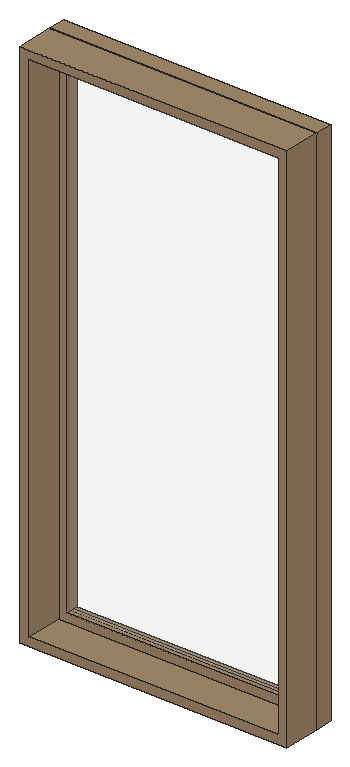
Revit family "1.00X2.00_Window_Vw", category Windows, host Wall, Revit 2021
Family settings
  Host = Wall
  OmniClass Number = 23.30.20.17.11
  OmniClass Title = Fixed Windows
  Always vertical = Yes
  Cut with Voids When Loaded = No
  Shared = No
  Room Calculation Point = No
Parameters (values of type "1.00 x 2.00")
  Window Width [instance] = 1.00 m
  Window Height [instance] = 2.00 m
  Visual Light Transmittance = 0.9
  Type Image = Artboard 2.png
  Thermal Resistance (R) = 1.53941 (h·ft²·°F)/BTU
  Solar Heat Gain Coefficient = 0.78
  Define Thermal Properties by = Schematic Type
  Construction Type Id = "GSP4R"
  Heat Transfer Coefficient (U) = 0.6496 BTU/(h·ft²·°F)
  Assembly Code = "B2020100"
  Glass Pane Material = Glass
  Height = 2.00 m
  Sash Material = Sash
  Default Sill Height = 0.9144 m
  Wall Closure = By host
  Width = 1.00 m
  Window Inset = 0.01905 m
  Analytic Construction = "1/8 in Pilkington single glazing"
Types (4, lengths in m): name | Type Image | Height | Width
  1.00 x 2.00 | Artboard 2.png | 2.00 | 1.00
  2 x 2 | <None> | 2.06 | 2.06
  0.53 | <None> | 2.10 | 0.53
  1 x 2 | <None> | 2.00 | 1.00
Reference planes (m)
  plane 1: y = 0
  plane 2: z = 0
  plane 3 "Center": x = -0.0381
  plane 4 "Left": x = -0.5381
  plane 5 "Right": x = 0.4619
  plane 6 "Sill": z = 0.9144
  plane 7 "Top": z = 2.9144
  plane 8: y = 0.1016
  plane 9: y = -0.1016
  plane 10: y = 0.08255
  plane 11: x = -0.51905
  plane 12: x = -0.50635
  plane 13: x = 0.44285
  plane 14: x = 0.43015
  plane 15: z = 2.89535
  plane 16: z = 2.88265
  plane 17: z = 0.94615
  plane 18 "Closure": y = 0.053975
Forms (m)
  Extrusion 1, solid, material "Sash" <- "Sash Material"
    sketch origin (0, 0, 0) x (1, 0, 0) y (0, 0, 1)
      loop
        line (-0.5381, 2.9144) -> (-0.5381, 0.9144) -> (0.4619, 0.9144) -> (0.4619, 2.9144) -> (-0.5381, 2.9144)
      loop
        line (-0.51905, 2.89535) -> (-0.51905, 0.93345) -> (0.44285, 0.93345) -> (0.44285, 2.89535) -> (-0.51905, 2.89535)
    from -0.1016 to -0.0381
  Extrusion 2, solid, material "Sash" <- "Sash Material"
    sketch origin (0, 0, 0) x (-1, 0, 0) y (0, 0, 1)
      loop
        line (-0.4619, 2.9144) -> (-0.4619, 0.9144) -> (0.5381, 0.9144) -> (0.5381, 2.9144) -> (-0.4619, 2.9144)
      loop
        line (-0.43015, 2.88265) -> (-0.43015, 0.94615) -> (0.50635, 0.94615) -> (0.50635, 2.88265) -> (-0.43015, 2.88265)
    from 0.0381 to -0.1016
  Extrusion 3, solid, material "Sash" <- "Sash Material"
    sketch origin (0, 0, 0) x (-1, 0, 0) y (0, 0, 1)
      loop
        line (-0.44285, 2.89535) -> (-0.44285, 0.93345) -> (0.51905, 0.93345) -> (0.51905, 2.89535) -> (-0.44285, 2.89535)
      loop
        line (-0.3984, 2.8509) -> (-0.3984, 0.9779) -> (0.4746, 0.9779) -> (0.4746, 2.8509) -> (-0.3984, 2.8509)
    from 0.0381 to 0.08255
  Extrusion 4, solid, material "Glass" <- "Glass Pane Material"
    sketch origin (-0.124971, 0, -0.117036) x (1, 0, 0) y (0, 0, 1)
      loop
        line (-0.349629, 2.967936) -> (-0.349629, 1.094936) -> (0.523371, 1.094936) -> (0.523371, 2.967936) -> (-0.349629, 2.967936)
    from -0.066675 to -0.053975
Lines and regions (m)
  Opening 1
    outline origin (-1.524, -0.1016, 0) x (1, 0, 0) y (0, 0, 1)
      loop
        line (0.9859, 2.9144) -> (0.9859, 0.9144) -> (1.9859, 0.9144) -> (1.9859, 2.9144) -> (0.9859, 2.9144)
  symbolic lines, style "WindowsFrameMullionProjection"
    curve 1: line (-0.5381, 0.1016, 0) -> (-0.51905, 0.1016, 0)
    curve 2: line (-0.51905, 0.0381, 0) -> (-0.51905, 0.1016, 0)
    curve 3: line (-0.51905, 0.0381, 0) -> (-0.50635, 0.0381, 0)
    curve 4: line (-0.50635, -0.1016, 0) -> (-0.50635, 0.0381, 0)
    curve 5: line (0.4619, 0.1016, 0) -> (0.44285, 0.1016, 0)
    curve 6: line (0.43015, 0.0381, 0) -> (0.43015, -0.1016, 0)
    curve 7: line (0.43015, 0.0381, 0) -> (0.44285, 0.0381, 0)
    curve 8: line (0.44285, 0.0381, 0) -> (0.44285, 0.1016, 0)
    curve 9: line (-0.51905, 0.08255, 0) -> (-0.4746, 0.08255, 0)
    curve 10: line (-0.51905, 0.08255, 0) -> (-0.51905, 0.0381, 0)
    curve 11: line (-0.51905, 0.0381, 0) -> (-0.4746, 0.0381, 0)
    curve 12: line (-0.4746, 0.08255, 0) -> (-0.4746, 0.0381, 0)
    curve 13: line (0.44285, 0.08255, 0) -> (0.3984, 0.08255, 0)
    curve 14: line (0.44285, 0.08255, 0) -> (0.44285, 0.0381, 0)
    curve 15: line (0.44285, 0.0381, 0) -> (0.3984, 0.0381, 0)
    curve 16: line (0.3984, 0.08255, 0) -> (0.3984, 0.0381, 0)
    curve 18: line (-0.50635, -0.1016, 0) -> (-0.5381, -0.1016, 0)
    curve 19: line (0.43015, -0.1016, 0) -> (0.4619, -0.1016, 0)
  symbolic lines, style "WindowsGlassProjection"
    curve 17: line (-0.4746, 0.060325, 0) -> (0.3984, 0.060325, 0)
Text (m)
  text "EXTERIOR" at (-1.437207, 1.354346, 0), in view "Floor Line"
  text "INTERIOR" at (-1.490695, -1.070518, 0), in view "Floor Line"
  text "Exterior" at (0, 1.10887, 3.415022), in view "Left"
  text "Exterior" at (0, 0.464664, 3.176206), in view "Right"
Dimensions and locks (m)
  equal spacing: plane 4 "Left", plane 3 "Center", plane 5 "Right"
  "Window Width": plane 4 "Left" to plane 5 "Right"
  plane 2 to plane 6 "Sill" to plane 16 to plane 7 "Top" = 0.9144 m, 1.96825 m, 0.03175 m
  "Window Inset": plane 8 to plane 10
  locked: plane 10 to Extrusion 3 at 0.04445
  locked: plane 10 to Extrusion 4 at 0.015875
  locked: Extrusion 4 to Extrusion 4 at 0.0127
  locked: plane 4 "Left" to plane 11 at 0.01905
  locked: plane 13 to plane 5 "Right" at 0.01905
  locked: plane 14 to plane 5 "Right" at 0.03175
  locked: plane 4 "Left" to plane 12 at 0.03175
  locked: plane 15 to plane 7 "Top" at 0.01905
  locked: plane 7 "Top" to plane 16 at 0.03175
  locked: plane 17 to plane 6 "Sill" at 0.03175
  "Window Height": plane 7 "Top" to plane 6 "Sill"
  "Default Sill Height": plane 6 "Sill" to plane 2
  locked: plane 10 to plane 18 "Closure" at 0.028575
  aligned and locked: plane 7 "Top" to Opening 1 sketch curve
  aligned and locked: plane 6 "Sill" to Opening 1 sketch curve  (x2)
  aligned and locked: plane 5 "Right" to Opening 1 sketch curve
  aligned and locked: plane 4 "Left" to Opening 1 sketch curve
  aligned and locked: plane 9 to host wall
  aligned and locked: host wall to Extrusion 2
  aligned and locked: plane 10 to Extrusion 3
  aligned and locked: plane 8 to host wall
  aligned and locked: host wall to Extrusion 1
  aligned and locked: Extrusion 2 to Extrusion 1
  aligned and locked: Extrusion 1 to Extrusion 3
  aligned and locked: Extrusion 4 sketch curve to Extrusion 3  (x4)
  aligned and locked: curve 5 to Extrusion 1  (x2)
  aligned and locked: curve 6 to Extrusion 2
  aligned and locked: curve 4 to Extrusion 2
  aligned and locked: curve 16 to Extrusion 3
  aligned and locked: Extrusion 1 to curve 11
  aligned and locked: Extrusion 1 to curve 7
Automatic sketch dimensions
  Extrusion 1 sketch curve to plane 4 "Left" = 0.00 m
  Extrusion 1 sketch curve to plane 5 "Right" = 0.00 m
  Extrusion 1 sketch curve to plane 4 "Left" = 0.01905 m
  plane 5 "Right" to Extrusion 1 sketch curve = 0.01905 m
  Extrusion 1 sketch curve to plane 6 "Sill" = 0.00 m
  Extrusion 1 sketch curve to plane 7 "Top" = 0.00 m
  Extrusion 1 sketch curve to plane 6 "Sill" = 0.01905 m
  plane 7 "Top" to Extrusion 1 sketch curve = 0.01905 m
  Extrusion 2 sketch curve to plane 5 "Right" = 0.00 m
  Extrusion 2 sketch curve to plane 4 "Left" = 0.00 m
  plane 5 "Right" to Extrusion 2 sketch curve = 0.03175 m
  Extrusion 2 sketch curve to plane 4 "Left" = 0.03175 m
  Extrusion 2 sketch curve to plane 6 "Sill" = 0.00 m
  Extrusion 2 sketch curve to plane 7 "Top" = 0.00 m
  Extrusion 2 sketch curve to plane 6 "Sill" = 0.03175 m
  plane 7 "Top" to Extrusion 2 sketch curve = 0.03175 m
  plane 5 "Right" to Extrusion 3 sketch curve = 0.01905 m
  plane 5 "Right" to Extrusion 3 sketch curve = 0.0635 m
  Extrusion 3 sketch curve to plane 4 "Left" = 0.0635 m
  Extrusion 3 sketch curve to plane 4 "Left" = 0.01905 m
  Extrusion 3 sketch curve to plane 6 "Sill" = 0.01905 m
  Extrusion 3 sketch curve to plane 6 "Sill" = 0.0635 m
  plane 7 "Top" to Extrusion 3 sketch curve = 0.0635 m
  plane 7 "Top" to Extrusion 3 sketch curve = 0.01905 m
  curve 18 to plane 4 "Left" = 0.00 m
  curve 1 to plane 4 "Left" = 0.00 m
  curve 2 to plane 8 = 0.00 m
  curve 10 to plane 10 = 0.00 m
  curve 13 to plane 10 = 0.00 m
  curve 19 to plane 5 "Right" = 0.00 m
  curve 1 to curve 2 = 0.01905 m
  curve 9 to curve 12 = 0.04445 m
  plane 5 "Right" to curve 13 = 0.01905 m
  curve 19 to plane 9 = 0.00 m
  curve 4 to plane 9 = 0.00 m
  curve 11 to curve 17 = 0.022225 m
